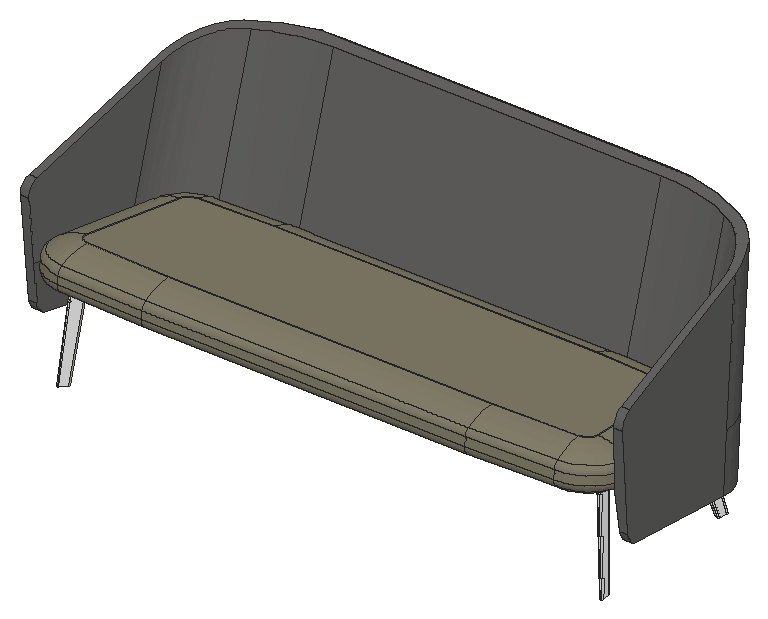
Revit family "Seating-Lounge-Teknion-STRCB_Cover-R2014", category Furniture, Revit 2014
Parameters (values of type "Sofa Two Seater")
  Width = 7' - 6 25/32"
  Warranty = "http://www.teknionstudio.com/pdfs/Teknion%20Studio%20Warranty.pdf"
  Unit Weight = 240.00 lbf
  URL = "http://www.teknionstudio.com"
  Series = "Studio"
  Seat Upholstery Finish [instance] = Fabric - Teknion - H517 - Heather Felt - Mustard Seed
  Product Page URL = "http://teknionstudio.com/cover/"
  Product Line = "Cover"
  Product Documentation Link = "http://www.teknionstudio.com/pricing/STRC_ppg.pdf"
  Part Number = "STRC"
  Model = "STRCB"
  Manufacturer Phone = "919-464-2920"
  Manufacturer Fax = "919-464-2927"
  Manufacturer Email = "customersupport@teknionstudio.com"
  Manufacturer Address = "3953 US 70 Business HWY West, Clayton, NC 27520"
  Manufacturer = "StudioTK"
  Low Emitting Material = yes
  Low Emitting Finish = yes
  Height = 2' - 5.6"
  Frame Finish [instance] = Metal - Teknion - C9 - Polished Aluminum
  Description = "Cover Sofa, Two Seat Sofa, 4 - Leg"
  Depth = 2' - 5.6"  # constant formula
  Back Upholstery Finish [instance] = Fabric - Teknion - H513 - Heather Felt - Pinon Tree
  Assembly Code = "E2020200"
Reference planes (in)
  plane 1 "Center F/B": y = 0
  plane 2: z = 0
  plane 3 "Center L/R": x = 0
  plane 4 "Top": z = 29.6
  plane 5: z = -0.03378
  plane 6: z = 0.19997
  plane 7 "Back": y = 16.11125
  plane 8 "Front": y = -13.48875
  plane 9: z = 12.39769
  plane 10: z = 10.50954
  plane 11 "Top Sloped Plane": through (0, 38.1924, 27.67127) normal (0, 0.0872, 0.9962)
  plane 12 "Bottom Sloped Plane": through (0, 36.74931, 1.19629) normal (0, 0.0872, 0.9962)
  plane 13: y = -15.87481
  plane 14: y = -8.83784
  plane 15: y = -21.44003
  plane 16: y = -10.16342
  plane 17: x = -35.3355
  plane 18: x = 35.3355
  plane 19: through (-51.44182, -20.77509, -22.07729) normal (0, -0.9903, 0.1392)
  plane 20: through (-51.44182, -13.80661, -23.05664) normal (0, -0.9903, 0.1392)
  plane 21: through (-56.88186, -26.28615, -21.30276) normal (0, -0.9903, 0.1392)
  plane 22: through (-55.6484, -15.11928, -22.87216) normal (0, -0.9903, 0.1392)
  plane 23: through (0, -5.45136, 12.06115) normal (0, -0.0698, -0.9976)
Forms (in)
  Sweep 1, solid, material "Fabric - Teknion - H517 - Heather Felt - Mustard Seed" <- "Seat Upholstery Finish"
    path origin (0, -1.72803, 15.73813) x (-1, 0, 0) y (0, -0.996195, 0.087156)
      loop
        arc (-18.90496, 7.67299) -> (-23.83351, 7.58206) -> (-28.75534, 7.3094) r 133.61289
        arc (-28.75534, 7.3094) -> (-29.62155, 6.86532) -> (-29.9066, 5.93459) r 1.25
        line (-29.9066, 5.93459) -> (-28.65822, -6.17276)
        arc (-28.65822, -6.17276) -> (-28.29254, -6.93454) -> (-27.52577, -7.28962) r 1.25
        arc (-27.52577, -7.28962) -> (-23.21962, -7.5771) -> (-18.90496, -7.67299) r 97.11843
        line (-18.90496, -7.67299) -> (18.91253, -7.67299)
        arc (18.91253, -7.67299) -> (23.22719, -7.5771) -> (27.53333, -7.28962) r 97.11843
        arc (27.53333, -7.28962) -> (28.30011, -6.93454) -> (28.66578, -6.17276) r 1.25
        line (28.66578, -6.17276) -> (29.91416, 5.93459)
        arc (29.91416, 5.93459) -> (29.62911, 6.86532) -> (28.76291, 7.3094) r 1.25
        arc (28.76291, 7.3094) -> (23.84107, 7.58206) -> (18.91253, 7.67299) r 133.61289
        line (18.91253, 7.67299) -> (-18.90496, 7.67299)
    profile origin (-0.00378, -9.37183, 16.40687) x (0, -0.996195, 0.087156) y (0, 0.087156, 0.996195)
      loop
        line (0, -0.51075) -> (0, -5.76374)
        arc (0, -5.76374) -> (1.74056, -5.29495) -> (3.33882, -4.46134) r 8.29794
        arc (3.33882, -4.46134) -> (3.66485, -4.10133) -> (3.7828, -3.63017) r 1
        line (3.7828, -3.63017) -> (3.7828, -2.6428)
        arc (3.7828, -2.6428) -> (3.66474, -2.17142) -> (3.33841, -1.81135) r 1
        arc (3.33841, -1.81135) -> (1.74024, -0.97872) -> (0, -0.51075) r 8.29794
  Sweep 2, solid, material "Fabric - Teknion - H517 - Heather Felt - Mustard Seed" <- "Seat Upholstery Finish"
    path origin (0, -2.18789, -1.07314) x (1, 0, 0) y (0, 0.087156, 0.996195)
      loop
        line (0, 16.27662) -> (0, 11.02362)
    profile origin (0, -0.99821, 12.52504) x (1, 0, 0) y (0, -0.996195, 0.087156)
      loop
        arc (18.91692, -6.65483) -> (23.23159, -6.55894) -> (27.53773, -6.27146) r 97.11843
        arc (27.53773, -6.27146) -> (28.30451, -5.91638) -> (28.67018, -5.1546) r 1.25
        line (28.67018, -5.1546) -> (29.91971, 6.96391)
        arc (29.91971, 6.96391) -> (29.63466, 7.89464) -> (28.76846, 8.33871) r 1.25
        arc (28.76846, 8.33871) -> (23.84662, 8.61138) -> (18.91807, 8.70231) r 133.61289
        line (18.91807, 8.70231) -> (-18.92366, 8.70231)
        arc (-18.92366, 8.70231) -> (-23.8522, 8.61138) -> (-28.77404, 8.33871) r 133.61289
        arc (-28.77404, 8.33871) -> (-29.64024, 7.89464) -> (-29.92529, 6.96391) r 1.25
        line (-29.92529, 6.96391) -> (-28.67576, -5.1546)
        arc (-28.67576, -5.1546) -> (-28.31009, -5.91638) -> (-27.54331, -6.27146) r 1.25
        arc (-27.54331, -6.27146) -> (-23.23717, -6.55894) -> (-18.92251, -6.65483) r 97.11843
        line (-18.92251, -6.65483) -> (18.91692, -6.65483)
  Blend 3, solid, material "Metal - Teknion - C9 - Polished Aluminum" <- "Frame Finish"
    base sketch origin (10.1875, 0.25, 29.6) x (-1, 0, 0) y (0, -1, 0)
      loop
        arc (40.20636, -8.93889) -> (40.13707, -9.01477) -> (40.1561, -9.11575) r 0.115
        line (40.1561, -9.11575) -> (40.72391, -9.86361)
        arc (40.72391, -9.86361) -> (40.78433, -9.90482) -> (40.85738, -9.90137) r 0.11526
        line (40.85738, -9.90137) -> (40.9759, -9.85541)
        arc (40.9759, -9.85541) -> (41.03247, -9.80811) -> (41.04868, -9.73617) r 0.115
        line (41.04868, -9.73617) -> (40.95106, -8.80738)
        arc (40.95106, -8.80738) -> (40.89672, -8.72131) -> (40.79536, -8.71208) r 0.115
        line (40.79536, -8.71208) -> (40.20636, -8.93889)
    top sketch origin (10.1875, 0.25, 29.6) x (-1, 0, 0) y (0, -1, 0)
      loop
        arc (39.68301, -5.78986) -> (39.61214, -5.6776) -> (39.47993, -5.66556) r 0.15
        line (39.47993, -5.66556) -> (38.69931, -5.96617)
        arc (38.69931, -5.96617) -> (38.60893, -6.06514) -> (38.63374, -6.19685) r 0.15
        line (38.63374, -6.19685) -> (39.49234, -7.3277)
        arc (39.49234, -7.3277) -> (39.57097, -7.38133) -> (39.66605, -7.37684) r 0.15
        line (39.66605, -7.37684) -> (39.73569, -7.34983)
        arc (39.73569, -7.34983) -> (39.80948, -7.28813) -> (39.83062, -7.1943) r 0.15
        line (39.83062, -7.1943) -> (39.68301, -5.78986)
    from -29.6 to -19.09046
  SweptBlend 4, solid, material "Fabric - Teknion - H513 - Heather Felt - Pinon Tree" <- "Back Upholstery Finish"
    path origin (0, 0, 0) x (0, 1, 0) y (0, 0, 1)
      loop
        line (16.13827, 29.60075) -> (14.8127, 10.64415)
    profile origin (0, 16.13827, 29.60075) x (0, 0.997564, -0.069756) y (1, 0, 0)
      loop
        line (-26.99251, -35.3355) -> (-8.1595, -33.48039)
        arc (-8.1595, -33.48039) -> (-4.45353, -32.06018) -> (-1.99119, -28.94761) r 7.5
        arc (-1.99119, -28.94761) -> (-0.50285, -24.15547) -> (0, -19.1628) r 25.0371
        line (0, -19.1628) -> (0, 19.1628)
        arc (0, 19.1628) -> (-0.50285, 24.15547) -> (-1.99119, 28.94761) r 25.0371
        arc (-1.99119, 28.94761) -> (-4.45353, 32.06018) -> (-8.1595, 33.48039) r 7.5
        line (-8.1595, 33.48039) -> (-26.99251, 35.3355) -> (-26.99251, 34.57463) -> (-8.39843, 32.74306)
        arc (-8.39843, 32.74306) -> (-4.60449, 31.15528) -> (-2.35711, 27.71081) r 7
        arc (-2.35711, 27.71081) -> (-1.45536, 23.47901) -> (-1.1528, 19.1628) r 30.93845
        line (-1.1528, 19.1628) -> (-1.1528, -19.1628)
        arc (-1.1528, -19.1628) -> (-1.45536, -23.47901) -> (-2.35711, -27.71081) r 30.93845
        arc (-2.35711, -27.71081) -> (-4.60449, -31.15528) -> (-8.39843, -32.74306) r 7
        line (-8.39843, -32.74306) -> (-26.99251, -34.57463) -> (-26.99251, -35.3355)
    end profile origin (0, 14.8127, 10.64415) x (0, 0.997564, -0.069756) y (1, 0, 0)
      loop
        line (-26.99251, -35.3355) -> (-8.1595, -33.48039)
        arc (-8.1595, -33.48039) -> (-4.45353, -32.06018) -> (-1.99119, -28.94761) r 7.5
        arc (-1.99119, -28.94761) -> (-0.50285, -24.15547) -> (0, -19.1628) r 25.0371
        line (0, -19.1628) -> (0, 19.1628)
        arc (0, 19.1628) -> (-0.50285, 24.15547) -> (-1.99119, 28.94761) r 25.0371
        arc (-1.99119, 28.94761) -> (-4.45353, 32.06018) -> (-8.1595, 33.48039) r 7.5
        line (-8.1595, 33.48039) -> (-26.99251, 35.3355) -> (-26.99251, 34.15599) -> (-12.64843, 32.74306)
        arc (-12.64843, 32.74306) -> (-8.85449, 31.15528) -> (-6.60711, 27.71081) r 7
        arc (-6.60711, 27.71081) -> (-5.70536, 23.47901) -> (-5.4028, 19.1628) r 30.93845
        line (-5.4028, 19.1628) -> (-5.4028, -19.1628)
        arc (-5.4028, -19.1628) -> (-5.70536, -23.47901) -> (-6.60711, -27.71081) r 30.93845
        arc (-6.60711, -27.71081) -> (-8.85449, -31.15528) -> (-12.64843, -32.74306) r 7
        line (-12.64843, -32.74306) -> (-26.99251, -34.15599) -> (-26.99251, -35.3355)
  Sweep 5, void
    path origin (0, 0, 0) x (1, 0, 0) y (0, 1, 0)
      loop
        line (-48.33893, 0) -> (48.33893, 0)
    profile origin (0, 0, 0) x (0, 1, 0) y (0, 0, 1)
      loop
        line (16.11125, 29.64263) -> (16.11125, 31.96622) -> (-13.75, 31.96622) -> (-13.75, -0.03378) -> (16.11125, -0.03378) -> (16.11125, 3.0551) -> (-8.26774, 6.48135)
        arc (-8.26774, 6.48135) -> (-9.25297, 6.96829) -> (-9.75359, 7.94664) r 1.75
        arc (-9.75359, 7.94664) -> (-10.44354, 13.61127) -> (-10.76569, 19.30866) r 88.19034
        arc (-10.76569, 19.30866) -> (-10.44937, 20.35513) -> (-9.57374, 21.00968) r 1.75
        line (-9.57374, 21.00968) -> (16.11125, 29.64263)
  Blend 6, solid, material "Metal - Teknion - C9 - Polished Aluminum" <- "Frame Finish"
    base sketch origin (10, 0.125, 29.6) x (-1, 0, 0) y (0, -1, 0)
      loop
        line (41.11261, 8.81389) -> (41.70161, 8.58708)
        arc (41.70161, 8.58708) -> (41.80297, 8.59631) -> (41.85731, 8.68238) r 0.115
        line (41.85731, 8.68238) -> (41.95493, 9.61117)
        arc (41.95493, 9.61117) -> (41.93872, 9.68311) -> (41.88215, 9.73041) r 0.115
        line (41.88215, 9.73041) -> (41.76363, 9.77637)
        arc (41.76363, 9.77637) -> (41.69058, 9.77982) -> (41.63016, 9.73861) r 0.11526
        line (41.63016, 9.73861) -> (41.06235, 8.99075)
        arc (41.06235, 8.99075) -> (41.04332, 8.88977) -> (41.11261, 8.81389) r 0.115
    top sketch origin (10, 0.125, 29.6) x (-1, 0, 0) y (0, -1, 0)
      loop
        line (40.71426, 7.28986) -> (40.86187, 8.6943)
        arc (40.86187, 8.6943) -> (40.84073, 8.78813) -> (40.76694, 8.84983) r 0.15
        line (40.76694, 8.84983) -> (40.6973, 8.87684)
        arc (40.6973, 8.87684) -> (40.60222, 8.88133) -> (40.52359, 8.8277) r 0.15
        line (40.52359, 8.8277) -> (39.66499, 7.69685)
        arc (39.66499, 7.69685) -> (39.64018, 7.56514) -> (39.73056, 7.46617) r 0.15
        line (39.73056, 7.46617) -> (40.51118, 7.16556)
        arc (40.51118, 7.16556) -> (40.64339, 7.1776) -> (40.71426, 7.28986) r 0.15
    from -29.6 to -17.20231
  SweptBlend 7, solid, material "Fabric - Teknion - H513 - Heather Felt - Pinon Tree" <- "Back Upholstery Finish"
    path origin (0, 1.62554, 23.24623) x (0, 0.990268, -0.139173) y (0, -0.139173, -0.990268)
      loop
        line (15.33595, 18.12702) -> (14.8127, 10.64415)
    profile origin (0, 14.28945, 3.16128) x (0, -0.997564, 0.069756) y (1, 0, 0)
      loop
        line (26.99251, -35.3355) -> (26.99251, -34.57463) -> (8.39843, -32.74306)
        arc (8.39843, -32.74306) -> (4.60449, -31.15528) -> (2.35711, -27.71081) r 7
        arc (2.35711, -27.71081) -> (1.45536, -23.47901) -> (1.1528, -19.1628) r 30.93845
        line (1.1528, -19.1628) -> (1.1528, 19.1628)
        arc (1.1528, 19.1628) -> (1.45536, 23.47901) -> (2.35711, 27.71081) r 30.93845
        arc (2.35711, 27.71081) -> (4.60449, 31.15528) -> (8.39843, 32.74306) r 7
        line (8.39843, 32.74306) -> (26.99251, 34.57463) -> (26.99251, 35.3355) -> (8.1595, 33.48039)
        arc (8.1595, 33.48039) -> (4.45353, 32.06018) -> (1.99119, 28.94761) r 7.5
        arc (1.99119, 28.94761) -> (0.50285, 24.15547) -> (0, 19.1628) r 25.0371
        line (0, 19.1628) -> (0, -19.1628)
        arc (0, -19.1628) -> (0.50285, -24.15547) -> (1.99119, -28.94761) r 25.0371
        arc (1.99119, -28.94761) -> (4.45353, -32.06018) -> (8.1595, -33.48039) r 7.5
        line (8.1595, -33.48039) -> (26.99251, -35.3355)
    end profile origin (0, 14.8127, 10.64415) x (0, -0.997564, 0.069756) y (1, 0, 0)
      loop
        line (26.99251, -35.3355) -> (26.99251, -34.15599) -> (12.64843, -32.74306)
        arc (12.64843, -32.74306) -> (8.85449, -31.15528) -> (6.60711, -27.71081) r 7
        arc (6.60711, -27.71081) -> (5.70536, -23.47901) -> (5.4028, -19.1628) r 30.93845
        line (5.4028, -19.1628) -> (5.4028, 19.1628)
        arc (5.4028, 19.1628) -> (5.70536, 23.47901) -> (6.60711, 27.71081) r 30.93845
        arc (6.60711, 27.71081) -> (8.85449, 31.15528) -> (12.64843, 32.74306) r 7
        line (12.64843, 32.74306) -> (26.99251, 34.15599) -> (26.99251, 35.3355) -> (8.1595, 33.48039)
        arc (8.1595, 33.48039) -> (4.45353, 32.06018) -> (1.99119, 28.94761) r 7.5
        arc (1.99119, 28.94761) -> (0.50285, 24.15547) -> (0, 19.1628) r 25.0371
        line (0, 19.1628) -> (0, -19.1628)
        arc (0, -19.1628) -> (0.50285, -24.15547) -> (1.99119, -28.94761) r 25.0371
        arc (1.99119, -28.94761) -> (4.45353, -32.06018) -> (8.1595, -33.48039) r 7.5
        line (8.1595, -33.48039) -> (26.99251, -35.3355)
  Blend 8, solid, material "Metal - Teknion - C9 - Polished Aluminum" <- "Frame Finish"
    base sketch origin (-10.1875, 0.25, 29.6) x (1, 0, 0) y (0, 1, 0)
      loop
        line (40.20636, 8.93889) -> (40.79536, 8.71208)
        arc (40.79536, 8.71208) -> (40.89672, 8.72131) -> (40.95106, 8.80738) r 0.115
        line (40.95106, 8.80738) -> (41.04868, 9.73617)
        arc (41.04868, 9.73617) -> (41.03247, 9.80811) -> (40.9759, 9.85541) r 0.115
        line (40.9759, 9.85541) -> (40.85738, 9.90137)
        arc (40.85738, 9.90137) -> (40.78433, 9.90482) -> (40.72391, 9.86361) r 0.11526
        line (40.72391, 9.86361) -> (40.1561, 9.11575)
        arc (40.1561, 9.11575) -> (40.13707, 9.01477) -> (40.20636, 8.93889) r 0.115
    top sketch origin (-10.1875, 0.25, 29.6) x (1, 0, 0) y (0, 1, 0)
      loop
        line (39.68301, 5.78986) -> (39.83062, 7.1943)
        arc (39.83062, 7.1943) -> (39.80948, 7.28813) -> (39.73569, 7.34983) r 0.15
        line (39.73569, 7.34983) -> (39.66605, 7.37684)
        arc (39.66605, 7.37684) -> (39.57097, 7.38133) -> (39.49234, 7.3277) r 0.15
        line (39.49234, 7.3277) -> (38.63374, 6.19685)
        arc (38.63374, 6.19685) -> (38.60893, 6.06514) -> (38.69931, 5.96617) r 0.15
        line (38.69931, 5.96617) -> (39.47993, 5.66556)
        arc (39.47993, 5.66556) -> (39.61214, 5.6776) -> (39.68301, 5.78986) r 0.15
    from -29.6 to -19.09046
  Blend 9, solid, material "Metal - Teknion - C9 - Polished Aluminum" <- "Frame Finish"
    base sketch origin (-10, 0.125, 29.6) x (1, 0, 0) y (0, 1, 0)
      loop
        arc (41.11261, -8.81389) -> (41.04332, -8.88977) -> (41.06235, -8.99075) r 0.115
        line (41.06235, -8.99075) -> (41.63016, -9.73861)
        arc (41.63016, -9.73861) -> (41.69058, -9.77982) -> (41.76363, -9.77637) r 0.11526
        line (41.76363, -9.77637) -> (41.88215, -9.73041)
        arc (41.88215, -9.73041) -> (41.93872, -9.68311) -> (41.95493, -9.61117) r 0.115
        line (41.95493, -9.61117) -> (41.85731, -8.68238)
        arc (41.85731, -8.68238) -> (41.80297, -8.59631) -> (41.70161, -8.58708) r 0.115
        line (41.70161, -8.58708) -> (41.11261, -8.81389)
    top sketch origin (-10, 0.125, 29.6) x (1, 0, 0) y (0, 1, 0)
      loop
        arc (40.71426, -7.28986) -> (40.64339, -7.1776) -> (40.51118, -7.16556) r 0.15
        line (40.51118, -7.16556) -> (39.73056, -7.46617)
        arc (39.73056, -7.46617) -> (39.64018, -7.56514) -> (39.66499, -7.69685) r 0.15
        line (39.66499, -7.69685) -> (40.52359, -8.8277)
        arc (40.52359, -8.8277) -> (40.60222, -8.88133) -> (40.6973, -8.87684) r 0.15
        line (40.6973, -8.87684) -> (40.76694, -8.84983)
        arc (40.76694, -8.84983) -> (40.84073, -8.78813) -> (40.86187, -8.6943) r 0.15
        line (40.86187, -8.6943) -> (40.71426, -7.28986)
    from -29.6 to -17.20231
Cuts and joins
  Sweep 5 cuts SweptBlend 4
  Sweep 5 cuts SweptBlend 7
  joined: SweptBlend 4, SweptBlend 7
Lines and regions (in)
  Masking region 1
    outline origin (0, 0, 29.6) x (-1, 0, 0) y (0, -1, 0)
      loop
        line (33.48039, -7.76563) -> (35.25854, 10.76569) -> (34.2212, 10.76569)
        spline (34.2212, 10.76569) -> (34.20304, 10.74989) -> (34.18451, 10.73031) -> (34.16563, 10.70696) -> (34.14638, 10.67985) -> (34.12678, 10.64897) -> (34.10681, 10.61432) -> (34.08649, 10.57591) -> (34.06582, 10.53373) -> (34.04479, 10.48779) -> (34.0234, 10.43809) -> (34.00167, 10.38464) -> (33.97957, 10.32743)
        line (33.97957, 10.32743) -> (33.68478, 7.34195)
        spline (33.68478, 7.34195) -> (33.49992, 9.48625) -> (33.1648, 10.33199) -> (32.79835, 10.92399) -> (32.29183, 11.51488) -> (31.65285, 12.0987) -> (30.95363, 12.55706) -> (30.17992, 12.86401) -> (29.25211, 13.0637) -> (28.08866, 13.20138) -> (26.59998, 13.30768) -> (24.68836, 13.39842) -> (22.25573, 13.48875)
        line (22.25573, 13.48875) -> (-22.25573, 13.48875)
        spline (-22.25573, 13.48875) -> (-24.68836, 13.39842) -> (-26.59998, 13.30768) -> (-28.08866, 13.20138) -> (-29.25211, 13.0637) -> (-30.17992, 12.86401) -> (-30.95363, 12.55706) -> (-31.65285, 12.0987) -> (-32.29183, 11.51488) -> (-32.79835, 10.92399) -> (-33.1648, 10.33199) -> (-33.49992, 9.48625) -> (-33.68478, 7.34195)
        line (-33.68478, 7.34195) -> (-33.97957, 10.32743)
        spline (-33.97957, 10.32743) -> (-34.00167, 10.38464) -> (-34.0234, 10.43809) -> (-34.04479, 10.48779) -> (-34.06582, 10.53373) -> (-34.08649, 10.57591) -> (-34.10681, 10.61432) -> (-34.12678, 10.64897) -> (-34.14638, 10.67985) -> (-34.16563, 10.70696) -> (-34.18451, 10.73031) -> (-34.20304, 10.74989) -> (-34.2212, 10.76569)
        line (-34.2212, 10.76569) -> (-35.25854, 10.76569) -> (-33.48039, -7.76563)
        spline (-33.48039, -7.76563) -> (-33.38381, -8.45033) -> (-33.23075, -9.11587) -> (-33.02009, -9.76485) -> (-32.75205, -10.39671) -> (-32.43222, -10.99846) -> (-32.05986, -11.56983) -> (-31.63996, -12.10521) -> (-31.17597, -12.59846) -> (-30.66867, -13.04971) -> (-30.12844, -13.4498) -> (-29.55533, -13.79865) -> (-28.94761, -14.09783)
        spline (-28.94761, -14.09783) -> (-28.34807, -14.37587) -> (-27.68623, -14.64166) -> (-26.97317, -14.89286) -> (-26.21999, -15.12714) -> (-25.43778, -15.34215) -> (-24.63764, -15.53555) -> (-23.83066, -15.70501) -> (-23.02794, -15.84818) -> (-22.24056, -15.96273) -> (-21.47961, -16.04632) -> (-20.75621, -16.09661) -> (-20.08142, -16.11125)
        line (-20.08142, -16.11125) -> (20.08142, -16.11125)
        spline (20.08142, -16.11125) -> (20.75246, -16.09682) -> (21.46601, -16.04709) -> (22.21301, -15.96429) -> (22.9844, -15.85065) -> (23.77115, -15.70838) -> (24.56418, -15.53971) -> (25.35446, -15.34686) -> (26.13292, -15.13206) -> (26.89052, -14.89754) -> (27.61821, -14.64551) -> (28.30692, -14.37819) -> (28.94761, -14.09783)
        spline (28.94761, -14.09783) -> (29.55529, -13.79869) -> (30.12829, -13.44994) -> (30.66869, -13.0497) -> (31.17603, -12.59837) -> (31.63991, -12.10529) -> (32.05987, -11.56982) -> (32.43216, -10.99852) -> (32.75211, -10.39662) -> (33.02009, -9.76483) -> (33.23067, -9.11606) -> (33.38379, -8.45038) -> (33.48039, -7.76563)
  symbolic lines, style "FurnitureHiddenLines", detail levels fine
    curve 1: arc (-28.50211, 6.22029, 29.6) -> (-28.42659, 6.30006, 29.6) -> (-28.42567, 6.4099, 29.6) r 0.15
    curve 2: line (-29.29243, 5.91556, 29.6) -> (-28.50211, 6.22029, 29.6)
    curve 3: arc (-29.47591, 5.97999, 29.6) -> (-29.39603, 5.91401, 29.6) -> (-29.29243, 5.91556, 29.6) r 0.15
    curve 4: line (-30.75548, 9.02734, 29.6) -> (-29.47591, 5.97999, 29.6)
    curve 5: arc (-29.99847, 9.40555, 29.6) -> (-29.99293, 9.39758, 29.6) -> (-29.98808, 9.38917, 29.6) r 0.11514
    curve 6: arc (-30.75548, 9.02734, 29.6) -> (-30.76084, 9.04329, 29.6) -> (-30.76382, 9.05984, 29.6) r 0.115
    curve 7: line (-30.76382, 9.05984, 29.6) -> (-30.86118, 9.98617, 29.6)
    curve 8: arc (-30.86118, 9.98617, 29.6) -> (-30.84497, 10.05811, 29.6) -> (-30.7884, 10.10541, 29.6) r 0.115
    curve 9: line (-30.7884, 10.10541, 29.6) -> (-30.66988, 10.15137, 29.6)
    curve 10: arc (-30.66988, 10.15137, 29.6) -> (-30.59682, 10.15482, 29.6) -> (-30.5364, 10.1136, 29.6) r 0.11526
    curve 11: line (-30.5364, 10.1136, 29.6) -> (-29.99847, 9.40555, 29.6)
    curve 12: arc (-30.51118, -7.04056, 29.6) -> (-30.59525, -7.03361, 29.6) -> (-30.66978, -7.07312, 29.6) r 0.15
    curve 13: line (-29.73056, -7.34117, 29.6) -> (-30.51118, -7.04056, 29.6)
    curve 14: arc (-29.66499, -7.57185, 29.6) -> (-29.64018, -7.44014, 29.6) -> (-29.73056, -7.34117, 29.6) r 0.15
    curve 15: line (-30.52359, -8.7027, 29.6) -> (-29.66499, -7.57185, 29.6)
    curve 16: arc (-30.5478, -8.72786, 29.6) -> (-30.53496, -8.71599, 29.6) -> (-30.52359, -8.7027, 29.6) r 0.15
    curve 17: line (-30.66978, -7.07312, 29.6) -> (-31.82594, -8.43883, 29.6)
    curve 18: line (-31.64876, -9.63295, 29.6) -> (-30.5478, -8.72786, 29.6)
    curve 19: arc (-31.64876, -9.63295, 29.6) -> (-31.7037, -9.65772, 29.6) -> (-31.76363, -9.65137, 29.6) r 0.11526
    curve 20: line (-31.76363, -9.65137, 29.6) -> (-31.88215, -9.60541, 29.6)
    curve 21: arc (-31.88215, -9.60541, 29.6) -> (-31.93872, -9.55811, 29.6) -> (-31.95493, -9.48617, 29.6) r 0.115
    curve 22: line (-31.95493, -9.48617, 29.6) -> (-31.85123, -8.49954, 29.6)
    curve 23: arc (-31.85123, -8.49954, 29.6) -> (-31.84302, -8.46734, 29.6) -> (-31.82594, -8.43883, 29.6) r 0.115
    curve 24: line (-28.42567, 6.4099, 29.6) -> (-29.98808, 9.38917, 29.6)
    curve 25: line (-28.47113, 6.49658, 29.6) -> (-29.30484, 7.5777, 29.6)
    curve 26: line (-29.64312, 7.4443, 29.6) -> (-29.50218, 6.1033, 29.6)
    curve 27: arc (-29.54819, 7.59983, 29.6) -> (-29.62198, 7.53813, 29.6) -> (-29.64312, 7.4443, 29.6) r 0.15
    curve 28: arc (-29.30484, 7.5777, 29.6) -> (-29.38347, 7.63133, 29.6) -> (-29.47855, 7.62684, 29.6) r 0.15
    curve 29: line (-29.47855, 7.62684, 29.6) -> (-29.54819, 7.59983, 29.6)
    curve 30: line (-30.70724, -7.14545, 29.6) -> (-30.86085, -8.60846, 29.6)
    curve 31: arc (-30.86085, -8.60846, 29.6) -> (-30.82943, -8.67918, 29.6) -> (-30.76694, -8.72483, 29.6) r 0.15
    curve 32: line (-30.76694, -8.72483, 29.6) -> (-30.6973, -8.75184, 29.6)
    curve 33: arc (-30.6973, -8.75184, 29.6) -> (-30.62807, -8.76124, 29.6) -> (-30.56209, -8.73827, 29.6) r 0.15
    curve 34: arc (-30.66978, -7.07312, 29.6) -> (-30.69418, -7.10635, 29.6) -> (-30.70724, -7.14545, 29.6) r 0.13311
    curve 35: arc (28.51169, 6.21611, 29.6) -> (28.42948, 6.29278, 29.6) -> (28.42352, 6.40504, 29.6) r 0.15018
    curve 36: line (29.29243, 5.91556, 29.6) -> (28.51169, 6.21611, 29.6)
    curve 37: arc (29.46199, 5.96002, 29.6) -> (29.38438, 5.91045, 29.6) -> (29.29243, 5.91556, 29.6) r 0.15
    curve 38: line (30.75733, 9.04496, 29.6) -> (29.46199, 5.96002, 29.6)
    curve 39: arc (29.97585, 9.3753, 29.6) -> (29.97032, 9.36734, 29.6) -> (29.96548, 9.35895, 29.6) r 0.11498
    curve 40: arc (30.75733, 9.04496, 29.6) -> (30.76269, 9.0609, 29.6) -> (30.76567, 9.07746, 29.6) r 0.115
    curve 41: line (30.76567, 9.07746, 29.6) -> (30.86118, 9.98617, 29.6)
    curve 42: arc (30.86118, 9.98617, 29.6) -> (30.84497, 10.05811, 29.6) -> (30.7884, 10.10541, 29.6) r 0.115
    curve 43: line (30.7884, 10.10541, 29.6) -> (30.66988, 10.15137, 29.6)
    curve 44: arc (30.66988, 10.15137, 29.6) -> (30.59683, 10.15482, 29.6) -> (30.53641, 10.11361, 29.6) r 0.11526
    curve 45: line (30.53641, 10.11361, 29.6) -> (29.97585, 9.3753, 29.6)
    curve 46: arc (30.51118, -7.04056, 29.6) -> (30.59701, -7.03398, 29.6) -> (30.67232, -7.07566, 29.6) r 0.15
    curve 47: line (29.72765, -7.34229, 29.6) -> (30.51118, -7.04056, 29.6)
    curve 48: arc (29.66208, -7.57297, 29.6) -> (29.63726, -7.44126, 29.6) -> (29.72765, -7.34229, 29.6) r 0.15
    curve 49: line (30.50796, -8.68707, 29.6) -> (29.66208, -7.57297, 29.6)
    curve 50: arc (30.53217, -8.71224, 29.6) -> (30.51933, -8.70036, 29.6) -> (30.50796, -8.68707, 29.6) r 0.15
    curve 51: line (30.67232, -7.07566, 29.6) -> (31.7899, -8.44816, 29.6)
    curve 52: line (31.65106, -9.63206, 29.6) -> (30.53217, -8.71224, 29.6)
    curve 53: arc (31.65106, -9.63206, 29.6) -> (31.706, -9.65683, 29.6) -> (31.76593, -9.65048, 29.6) r 0.11526
    curve 54: line (31.76593, -9.65048, 29.6) -> (31.88215, -9.60541, 29.6)
    curve 55: arc (31.88215, -9.60541, 29.6) -> (31.93872, -9.55811, 29.6) -> (31.95493, -9.48617, 29.6) r 0.115
    curve 56: line (31.95493, -9.48617, 29.6) -> (31.85551, -8.5403, 29.6)
    curve 57: arc (31.85551, -8.5403, 29.6) -> (31.83482, -8.48561, 29.6) -> (31.7899, -8.44816, 29.6) r 0.115
    curve 58: line (28.42352, 6.40504, 29.6) -> (29.96548, 9.35895, 29.6)
    curve 59: line (28.44163, 6.43973, 29.6) -> (29.30484, 7.5777, 29.6)
    curve 60: line (29.64312, 7.4443, 29.6) -> (29.50133, 6.09518, 29.6)
    curve 61: arc (29.54819, 7.59983, 29.6) -> (29.62198, 7.53813, 29.6) -> (29.64312, 7.4443, 29.6) r 0.15
    curve 62: arc (29.30484, 7.5777, 29.6) -> (29.38347, 7.63133, 29.6) -> (29.47855, 7.62684, 29.6) r 0.15
    curve 63: line (29.47855, 7.62684, 29.6) -> (29.54819, 7.59983, 29.6)
    curve 64: line (30.70844, -7.15292, 29.6) -> (30.86187, -8.5693, 29.6)
    curve 65: arc (30.86187, -8.5693, 29.6) -> (30.84073, -8.66313, 29.6) -> (30.76694, -8.72483, 29.6) r 0.15
    curve 66: line (30.76694, -8.72483, 29.6) -> (30.68898, -8.75507, 29.6)
    curve 67: arc (30.68898, -8.75507, 29.6) -> (30.61976, -8.76447, 29.6) -> (30.55378, -8.74149, 29.6) r 0.15
    curve 68: arc (30.67232, -7.07566, 29.6) -> (30.69625, -7.11155, 29.6) -> (30.70844, -7.15292, 29.6) r 0.14365
  symbolic lines, style "Furniture"
    curve 69: line (-33.97957, -10.32743, 29.6) -> (-32.74306, 2.19508, 29.6)
    curve 70: spline (-32.74306, 2.19508, 29.6) -> (-32.64059, 2.88126, 29.6) -> (-32.47037, 3.5539, 29.6) -> (-32.23409, 4.20638, 29.6) -> (-31.93407, 4.83225, 29.6) -> (-31.57328, 5.42534, 29.6) -> (-31.15528, 5.97978, 29.6) -> (-30.68418, 6.49012, 29.6) -> (-30.16466, 6.9513, 29.6) -> (-29.60182, 7.35878, 29.6) -> (-29.00123, 7.70854, 29.6) -> (-28.36881, 7.99712, 29.6) -> (-27.71081, 8.22168, 29.6)
    curve 71: spline (-27.71081, 8.22168, 29.6) -> (-27.01492, 8.41251, 29.6) -> (-26.31475, 8.5871, 29.6) -> (-25.61069, 8.74535, 29.6) -> (-24.90313, 8.88717, 29.6) -> (-24.19244, 9.01249, 29.6) -> (-23.47901, 9.12124, 29.6) -> (-22.76324, 9.21336, 29.6) -> (-22.0455, 9.28879, 29.6) -> (-21.3262, 9.34751, 29.6) -> (-20.60572, 9.38947, 29.6) -> (-19.88445, 9.41466, 29.6) -> (-19.1628, 9.42306, 29.6)
    curve 72: line (-19.1628, 9.42306, 29.6) -> (19.1628, 9.42306, 29.6)
    curve 73: spline (19.1628, 9.42306, 29.6) -> (19.88445, 9.41466, 29.6) -> (20.60572, 9.38947, 29.6) -> (21.3262, 9.34751, 29.6) -> (22.0455, 9.28879, 29.6) -> (22.76324, 9.21336, 29.6) -> (23.47901, 9.12124, 29.6) -> (24.19244, 9.01249, 29.6) -> (24.90313, 8.88717, 29.6) -> (25.61069, 8.74535, 29.6) -> (26.31475, 8.5871, 29.6) -> (27.01492, 8.41251, 29.6) -> (27.71081, 8.22168, 29.6)
    curve 74: spline (27.71081, 8.22168, 29.6) -> (28.36881, 7.99712, 29.6) -> (29.00123, 7.70854, 29.6) -> (29.60182, 7.35878, 29.6) -> (30.16466, 6.9513, 29.6) -> (30.68418, 6.49012, 29.6) -> (31.15528, 5.97978, 29.6) -> (31.57328, 5.42534, 29.6) -> (31.93407, 4.83225, 29.6) -> (32.23409, 4.20638, 29.6) -> (32.47037, 3.5539, 29.6) -> (32.64059, 2.88126, 29.6) -> (32.74306, 2.19508, 29.6)
    curve 75: line (32.74306, 2.19508, 29.6) -> (33.97957, -10.32743, 29.6)
  symbolic lines, style "Furniture", detail levels medium+fine
    curve 76: line (-32.74306, 6.64962, 29.6) -> (-34.25872, -10.76569, 29.6)
    curve 77: line (-27.71139, 13.48654, 29.6) -> (-32.74306, 6.64962, 29.6)
    curve 78: spline (-19.30163, 14.8504, 29.6) -> (-20.01562, 14.83683, 29.6) -> (-20.72896, 14.80489, 29.6) -> (-21.44112, 14.75459, 29.6) -> (-22.15157, 14.68598, 29.6) -> (-22.8598, 14.5991, 29.6) -> (-23.56527, 14.49402, 29.6) -> (-24.26747, 14.37081, 29.6) -> (-24.96589, 14.22957, 29.6) -> (-25.66, 14.0704, 29.6) -> (-26.34929, 13.89341, 29.6) -> (-27.03325, 13.69875, 29.6) -> (-27.71139, 13.48654, 29.6)
    curve 79: line (19.30164, 14.8504, 29.6) -> (-19.30163, 14.8504, 29.6)
    curve 80: spline (27.71139, 13.48654, 29.6) -> (27.03325, 13.69875, 29.6) -> (26.34929, 13.89341, 29.6) -> (25.66, 14.0704, 29.6) -> (24.96589, 14.22957, 29.6) -> (24.26748, 14.37081, 29.6) -> (23.56527, 14.49402, 29.6) -> (22.8598, 14.5991, 29.6) -> (22.15157, 14.68598, 29.6) -> (21.44112, 14.75459, 29.6) -> (20.72896, 14.80489, 29.6) -> (20.01563, 14.83683, 29.6) -> (19.30164, 14.8504, 29.6)
    curve 81: line (32.74306, 6.64962, 29.6) -> (27.71139, 13.48654, 29.6)
    curve 82: line (34.25872, -10.76569, 29.6) -> (32.74306, 6.64962, 29.6)
Dimensions and locks (in)
  locked: plane 2 to plane 5 at 0.03378
  locked: plane 6 to plane 2 at 0.19997
  "Depth": plane 8 "Front" to plane 7 "Back"
  Sweep 2 to Sweep 2 = 0' - 5.25299"
  Sweep 2 sketch curve to Sweep 2 sketch curve = 0' - 5.25299"
  plane 7 "Back" to plane 1 "Center F/B" to plane 8 "Front" = 1' - 4.11125" locked, 1' - 1.48875" locked
  plane 11 "Top Sloped Plane" to plane 12 "Bottom Sloped Plane" = 2' - 2 1/2"
  locked: plane 5 to Sweep 5 sketch curve at 32
  locked: SweptBlend 4 sketch curve to plane 1 "Center F/B" at 16.13827
  locked: SweptBlend 4 sketch curve to plane 1 "Center F/B" at 14.8127
  locked: plane 9 to plane 2 at 12.39769
  locked: plane 10 to plane 2 at 10.50954
  "Height": plane 4 "Top" to plane 2
  Sweep 1 sketch curve to Sweep 1 sketch curve to profile plane to Sweep 1 sketch curve to Sweep 1 sketch curve = 0' - 0.00298" locked, 0' - 1.272" locked, 0' - 2.7828" locked, 0' - 0" locked
  Sweep 1 sketch curve to profile plane to Sweep 1 sketch curve to Sweep 1 sketch curve to Sweep 1 sketch curve = 0' - 2.43566" locked, 0' - 2.6428" locked, 0' - 0.98738" locked, 0' - 5.08044" locked
  locked: profile plane to Sweep 1 sketch curve at 3.7828
  locked: Sweep 1 sketch curve to plane 5 at 10.69884
  Blend 3 sketch curve to Blend 3 sketch curve to Blend 3 sketch curve to Blend 3 sketch curve = 0' - 0.09762" locked, 0' - 0.02099" locked, 0' - 0.56802" locked
  plane 7 "Back" to Blend 3 sketch curve to Blend 3 sketch curve to Blend 3 sketch curve to Blend 3 sketch curve = 0' - 6.06734", 0' - 0.04573" locked, 0' - 0.70198" locked, 0' - 0.22682" locked
  plane 7 "Back" to Blend 3 sketch curve to Blend 3 sketch curve to Blend 3 sketch curve to Blend 3 sketch curve = 0' - 8.62426" locked, 0' - 0.02701" locked, 0' - 1.10384" locked, 0' - 0.30061" locked
  plane 17 to Blend 3 sketch curve to Blend 3 sketch curve to Blend 3 sketch curve to Blend 3 sketch curve = 0' - 5.84155" locked, 0' - 0.06964" locked, 0' - 0.07797" locked, 0' - 0.78062" locked
  Blend 6 sketch curve to Blend 6 sketch curve to Blend 6 sketch curve to Blend 6 sketch curve = 0' - 0.09762" locked, 0' - 0.02099" locked, 0' - 0.56802" locked
  plane 8 "Front" to Blend 6 sketch curve to Blend 6 sketch curve to Blend 6 sketch curve to Blend 6 sketch curve = 0' - 3.94484" locked, 0' - 0.04573" locked, 0' - 0.70198" locked, 0' - 0.22682" locked
  plane 8 "Front" to Blend 6 sketch curve to Blend 6 sketch curve to Blend 6 sketch curve to Blend 6 sketch curve = 0' - 4.87676" locked, 0' - 0.02701" locked, 0' - 1.10384" locked, 0' - 0.30061" locked
  plane 17 to Blend 6 sketch curve to Blend 6 sketch curve to Blend 6 sketch curve to Blend 6 sketch curve = 0' - 4.6228" locked, 0' - 0.06964" locked, 0' - 0.07797" locked, 0' - 0.78062" locked
  equal spacing: Sweep 5 sketch curve, plane 3 "Center L/R", Sweep 5 sketch curve
  locked: Sweep 5 sketch curve to Sweep 5 sketch curve at 96.67786
  equal spacing: plane 17, plane 3 "Center L/R", plane 18
  locked: plane 17 to plane 18 at 70.671
  Blend 8 sketch curve to Blend 8 sketch curve to Blend 8 sketch curve to Blend 8 sketch curve = 0' - 0.09762" locked, 0' - 0.02099" locked, 0' - 0.56802" locked
  Blend 8 sketch curve to Blend 8 sketch curve to Blend 8 sketch curve to Blend 8 sketch curve = 0' - 0.04573" locked, 0' - 0.70198" locked, 0' - 0.22682" locked
  Blend 8 sketch curve to Blend 8 sketch curve to Blend 8 sketch curve to Blend 8 sketch curve = 0' - 0.02701" locked, 0' - 1.10384" locked, 0' - 0.30061" locked
  Blend 8 sketch curve to Blend 8 sketch curve to Blend 8 sketch curve to Blend 8 sketch curve = 0' - 0.06964" locked, 0' - 0.07797" locked, 0' - 0.78062" locked
  Blend 9 sketch curve to Blend 9 sketch curve to Blend 9 sketch curve to Blend 9 sketch curve = 0' - 0.09762" locked, 0' - 0.02099" locked, 0' - 0.56802" locked
  Blend 9 sketch curve to Blend 9 sketch curve to Blend 9 sketch curve to Blend 9 sketch curve = 0' - 0.04573" locked, 0' - 0.70198" locked, 0' - 0.22682" locked
  Blend 9 sketch curve to Blend 9 sketch curve to Blend 9 sketch curve to Blend 9 sketch curve = 0' - 0.02701" locked, 0' - 1.10384" locked, 0' - 0.30061" locked
  Blend 9 sketch curve to Blend 9 sketch curve to Blend 9 sketch curve to Blend 9 sketch curve = 0' - 0.06964" locked, 0' - 0.07797" locked, 0' - 0.78062" locked
  Sweep 2 sketch curve to plane 9 to Sweep 2 sketch curve = 0' - 2.74385" locked, 0' - 2.48915" locked
  locked: plane 17 to Sweep 1 sketch curve at 6.66475
  locked: plane 17 to Sweep 1 sketch curve at 7.91313
  locked: Sweep 1 sketch curve to plane 18 at 6.67231
  locked: Sweep 1 sketch curve to plane 18 at 7.92069
  Sweep 1 sketch curve to plane 1 "Center F/B" to Sweep 1 sketch curve = 0' - 7.76776" locked, 0' - 4.29352" locked  (x2)
  locked: Blend 8 sketch curve to plane 18 at 5.84155
  locked: plane 7 "Back" to Blend 8 sketch curve at 8.62426
  locked: Blend 9 sketch curve to plane 18 at 3.49494
  locked: plane 8 "Front" to Blend 9 sketch curve at 3.94484
  Sweep 2 sketch curve to plane 1 "Center F/B" to Sweep 2 sketch curve = 0' - 9.6674" locked, 0' - 5.6313" locked
  Sweep 2 sketch curve to plane 3 "Center L/R" to Sweep 2 sketch curve = 2' - 3.43235" locked, 2' - 3.42677" locked
  locked: plane 17 to curve 78 at 7.62411
  locked: curve 81 to plane 18 at 7.62411
  SweptBlend 7 sketch curve to SweptBlend 7 sketch curve to plane 3 "Center L/R" to SweptBlend 7 sketch curve to SweptBlend 7 sketch curve = 0' - 0.23974" locked, 2' - 1.77677" locked, 2' - 1.77677" locked, 0' - 0.23974" locked
  plane 1 "Center F/B" to SweptBlend 7 sketch curve to SweptBlend 7 sketch curve = 0' - 5.22695" locked, 0' - 0.18945" locked  (x2)
  plane 1 "Center F/B" to SweptBlend 7 sketch curve to SweptBlend 7 sketch curve = 0' - 1.51055" locked, 0' - 4.4291" locked  (x2)
  SweptBlend 7 sketch curve to SweptBlend 7 sketch curve to plane 3 "Center L/R" = 0' - 0.23974" locked, 2' - 1.77677" locked
  plane 3 "Center L/R" to SweptBlend 7 sketch curve to SweptBlend 7 sketch curve = 2' - 1.77677" locked, 0' - 0.23974" locked
  aligned and locked: level to plane 2
  aligned and locked: Sweep 2 sketch curve to plane 3 "Center L/R"
  aligned and locked: Sweep 1 sketch curve to profile plane
  aligned and locked: Sweep 5 sketch curve to plane 5
  aligned and locked: Sweep 5 sketch curve to plane 7 "Back"
  aligned and locked: plane 7 "Back" to Sweep 5 sketch curve
  aligned and locked: plane 1 "Center F/B" to Sweep 5 sketch curve
  aligned and locked: plane 11 "Top Sloped Plane" to SweptBlend 4 sketch curve
  aligned and locked: Blend 3 to plane 2
  aligned and locked: plane 10 to Blend 3
  aligned and locked: plane 14 to SweptBlend 4 sketch curve  (x2)
  aligned and locked: plane 13 to SweptBlend 4 sketch curve  (x2)
  aligned and locked: plane 16 to SweptBlend 4 sketch curve  (x2)
  aligned and locked: plane 15 to SweptBlend 4 sketch curve  (x2)
  aligned and locked: Blend 6 to plane 2
  aligned and locked: plane 9 to Blend 6
  aligned and locked: plane 9 to Blend 9
  aligned and locked: plane 10 to Blend 8
  aligned and locked: Masking region 1 sketch curve to plane 7 "Back"
  aligned and locked: cut or joined group of SweptBlend 4, Sweep 5, SweptBlend 7 to Masking region 1 sketch curve
  aligned and locked: Masking region 1 sketch curve to cut or joined group of SweptBlend 4, Sweep 5, SweptBlend 7
  aligned and locked: plane 8 "Front" to Masking region 1 sketch curve
  aligned and locked: curve 69 to cut or joined group of SweptBlend 4, Sweep 5, SweptBlend 7
  aligned and locked: curve 72 to cut or joined group of SweptBlend 4, Sweep 5, SweptBlend 7
  aligned and locked: curve 75 to cut or joined group of SweptBlend 4, Sweep 5, SweptBlend 7
  aligned and locked: curve 76 to cut or joined group of SweptBlend 4, Sweep 5, SweptBlend 7
  aligned and locked: curve 79 to cut or joined group of SweptBlend 4, Sweep 5, SweptBlend 7
  aligned and locked: curve 82 to cut or joined group of SweptBlend 4, Sweep 5, SweptBlend 7
  aligned and locked: Masking region 1 to curve 82
  aligned and locked: Masking region 1 to curve 76
  aligned and locked: curve 19 to Blend 6
  aligned and locked: curve 22 to Blend 6
  aligned and locked: curve 12 to Blend 6
  aligned and locked: curve 14 to Blend 6
  aligned and locked: curve 15 to Blend 6
  aligned and locked: curve 33 to Blend 6
  aligned and locked: curve 31 to Blend 6
  aligned and locked: curve 3 to Blend 3
  aligned and locked: Blend 3 to curve 7
  aligned and locked: curve 10 to Blend 3
  aligned and locked: curve 1 to Blend 3
  aligned and locked: curve 28 to Blend 3
  aligned and locked: curve 26 to Blend 3
  aligned and locked: curve 66 to Blend 9
  aligned and locked: curve 56 to Blend 9
  aligned and locked: curve 54 to Blend 9
  aligned and locked: curve 46 to Blend 9
  aligned and locked: curve 60 to Blend 8
  aligned and locked: curve 37 to Blend 8
  aligned and locked: curve 63 to Blend 8
  aligned and locked: curve 45 to Blend 8
  aligned and locked: curve 43 to Blend 8
  aligned and locked: curve 41 to Blend 8
  aligned and locked: curve 38 to Blend 8
  aligned and locked: plane 23 to SweptBlend 7 sketch curve
  aligned and locked: plane 12 "Bottom Sloped Plane" to SweptBlend 7 sketch curve
Automatic sketch dimensions
  SweptBlend 4 sketch curve to profile plane = 0' - 0"
  profile plane to SweptBlend 4 sketch curve = 2' - 2.99251"  (x2)
  profile plane to SweptBlend 4 sketch curve = 0' - 8 51/128"
  SweptBlend 4 sketch curve to SweptBlend 4 sketch curve = 0' - 0.23892"
  SweptBlend 4 sketch curve to SweptBlend 4 sketch curve = 0' - 0.6862"  (x2)
  SweptBlend 4 sketch curve to SweptBlend 4 sketch curve = 0' - 0.18991"
  profile plane to SweptBlend 4 sketch curve = 0' - 2.35711"
  SweptBlend 4 sketch curve to SweptBlend 4 sketch curve = 0' - 0.36592"
  profile plane to SweptBlend 4 sketch curve = 0' - 1.1528"
  SweptBlend 4 sketch curve to SweptBlend 4 sketch curve = 0' - 0.76087"
  SweptBlend 4 sketch curve to SweptBlend 4 sketch curve = 0' - 1.09424"
  SweptBlend 4 sketch curve to SweptBlend 4 sketch curve = 0' - 0.73733"  (x2)
  SweptBlend 4 sketch curve to SweptBlend 4 sketch curve = 0' - 3.79545"
  SweptBlend 4 sketch curve to SweptBlend 4 sketch curve = 0' - 1.2368"
  SweptBlend 4 sketch curve to SweptBlend 4 sketch curve = 0' - 8.54801"
  SweptBlend 4 sketch curve to plane 3 "Center L/R" = 2' - 11.3355"
  profile plane to SweptBlend 4 sketch curve = 1' - 0 83/128"
  SweptBlend 4 sketch curve to SweptBlend 4 sketch curve = 0' - 4.48892"
  SweptBlend 4 sketch curve to SweptBlend 4 sketch curve = 0' - 4.43991"
  SweptBlend 4 sketch curve to SweptBlend 4 sketch curve = 0' - 2.28761"
  profile plane to SweptBlend 4 sketch curve = 0' - 1.99119"
  SweptBlend 4 sketch curve to SweptBlend 4 sketch curve = 0' - 1.17951"
  SweptBlend 4 sketch curve to SweptBlend 4 sketch curve = 0' - 0.6756"
  SweptBlend 4 sketch curve to SweptBlend 4 sketch curve = 0' - 4.53278"
  SweptBlend 4 sketch curve to SweptBlend 4 sketch curve = 0' - 1.69429"
  Sweep 1 sketch curve to plane 18 = 1' - 4.43054"  (x2)
  plane 17 to Sweep 1 sketch curve = 1' - 4.42297"  (x2)
  Sweep 1 sketch curve to Sweep 1 sketch curve = 0' - 1.15125"
  Sweep 1 sketch curve to Sweep 1 sketch curve = 0' - 0"  (x4)
  Sweep 1 sketch curve to Sweep 1 sketch curve = 0' - 1.24341"  (x3)
  Sweep 1 sketch curve to Sweep 1 sketch curve = 0' - 1.13245"
  Sweep 1 sketch curve to Sweep 1 sketch curve = 0' - 0.11096"  (x2)
  Sweep 1 sketch curve to Sweep 1 sketch curve = 0' - 0.09215"
  Sweep 1 sketch curve to Sweep 1 sketch curve = 0' - 1.50023"  (x2)
  Sweep 1 sketch curve to Sweep 1 sketch curve = 1' - 0.10735"  (x2)
  Sweep 1 sketch curve to Sweep 1 sketch curve = 0' - 1.7384"
  Sweep 1 sketch curve to profile plane = 0' - 0.51075"
  plane 12 "Bottom Sloped Plane" to Sweep 2 sketch curve = 0' - 5.36923"
  profile plane to Sweep 2 sketch curve = 0' - 6.96391"  (x2)
  profile plane to Sweep 2 sketch curve = 2' - 5.92529"
  Sweep 2 sketch curve to profile plane = 0' - 6.65483"
  Sweep 2 sketch curve to profile plane = 0' - 5.1546"  (x2)
  Sweep 2 sketch curve to Sweep 2 sketch curve = 0' - 1.24953"
  Sweep 2 sketch curve to Sweep 2 sketch curve = 0' - 11.00164"  (x2)
  Sweep 2 sketch curve to Sweep 2 sketch curve = 0' - 9.75325"  (x2)
  Sweep 2 sketch curve to profile plane = 1' - 6.91692"
  profile plane to Sweep 2 sketch curve = 0' - 8.70231"
  Sweep 2 sketch curve to Sweep 2 sketch curve = 0' - 0.00115"
  Sweep 2 sketch curve to Sweep 2 sketch curve = 0' - 1.15125"
  Sweep 2 sketch curve to Sweep 2 sketch curve = 0' - 0"  (x4)
  Sweep 2 sketch curve to Sweep 2 sketch curve = 0' - 0.09215"  (x2)
  Sweep 2 sketch curve to Sweep 2 sketch curve = 0' - 1.13245"
  Sweep 2 sketch curve to Sweep 2 sketch curve = 0' - 0.11096"  (x2)
  Sweep 2 sketch curve to Sweep 2 sketch curve = 0' - 1.24341"  (x2)
  Blend 3 sketch curve to plane 17 = 0' - 5.3669"
  plane 7 "Back" to Blend 3 sketch curve = 0' - 7.14917"
  Blend 3 sketch curve to Blend 3 sketch curve = 0' - 0.04133"  (x2)
  Blend 3 sketch curve to Blend 3 sketch curve = 0' - 0.0918"
  Blend 3 sketch curve to Blend 3 sketch curve = 0' - 0.04168"
  Blend 3 sketch curve to Blend 3 sketch curve = 0' - 0.11437"  (x2)
  Blend 3 sketch curve to Blend 3 sketch curve = 0' - 0.04159"
  Blend 3 sketch curve to Blend 3 sketch curve = 0' - 0.10732"
  Blend 3 sketch curve to Blend 3 sketch curve = 0' - 0.01202"
  Blend 3 sketch curve to Blend 3 sketch curve = 0' - 0.0697"
  Blend 3 sketch curve to plane 17 = 0' - 6.88926"
  plane 1 "Center F/B" to Blend 3 sketch curve = 0' - 5.91556"
  Blend 3 sketch curve to Blend 3 sketch curve = 0' - 0.0539"  (x2)
  Blend 3 sketch curve to Blend 3 sketch curve = 0' - 0.11947"
  Blend 3 sketch curve to Blend 3 sketch curve = 0' - 0.05424"
  Blend 3 sketch curve to Blend 3 sketch curve = 0' - 0.14918"  (x2)
  Blend 3 sketch curve to Blend 3 sketch curve = 0' - 0.06964"
  Blend 3 sketch curve to Blend 3 sketch curve = 0' - 0.13998"
  Blend 3 sketch curve to Blend 3 sketch curve = 0' - 0.01568"
  Blend 3 sketch curve to Blend 3 sketch curve = 0' - 0.09071"
  plane 23 to SweptBlend 4 sketch curve = 0' - 0"
  profile plane to Sweep 5 sketch curve = 1' - 1 3/4"
  level to Sweep 5 sketch curve = 0' - 3.0551"
  profile plane to Sweep 5 sketch curve = 0' - 9.57374"
  profile plane to Sweep 5 sketch curve = 0' - 8.26774"
  Sweep 5 sketch curve to Sweep 5 sketch curve = 0' - 1.19195"
  Sweep 5 sketch curve to Sweep 5 sketch curve = 0' - 0"  (x2)
  Sweep 5 sketch curve to Sweep 5 sketch curve = 0' - 1.48585"
  Sweep 5 sketch curve to Sweep 5 sketch curve = 0' - 0.55754"
  Sweep 5 sketch curve to Sweep 5 sketch curve = 0' - 0.24355"
  level to Sweep 5 sketch curve = 1' - 9.43606"
  Sweep 5 sketch curve to Sweep 5 sketch curve = 5' - 1.28773"
  level to Sweep 5 sketch curve = 0' - 6.48135"
  Sweep 5 sketch curve to Sweep 5 sketch curve = 0' - 2.32359"
  plane 17 to Blend 6 sketch curve = 0' - 4.27315"
  Blend 6 sketch curve to plane 8 "Front" = 0' - 5.02667"
  Blend 6 sketch curve to Blend 6 sketch curve = 0' - 0.04133"  (x2)
  Blend 6 sketch curve to Blend 6 sketch curve = 0' - 0.0918"
  Blend 6 sketch curve to Blend 6 sketch curve = 0' - 0.04168"
  Blend 6 sketch curve to Blend 6 sketch curve = 0' - 0.11437"  (x2)
  Blend 6 sketch curve to Blend 6 sketch curve = 0' - 0.04159"
  Blend 6 sketch curve to Blend 6 sketch curve = 0' - 0.10732"
  Blend 6 sketch curve to Blend 6 sketch curve = 0' - 0.01202"
  Blend 6 sketch curve to Blend 6 sketch curve = 0' - 0.0697"
  plane 17 to Blend 6 sketch curve = 0' - 5.67051"
  Blend 6 sketch curve to plane 8 "Front" = 0' - 6.44819"
  Blend 6 sketch curve to Blend 6 sketch curve = 0' - 0.0539"  (x2)
  Blend 6 sketch curve to Blend 6 sketch curve = 0' - 0.11947"
  Blend 6 sketch curve to Blend 6 sketch curve = 0' - 0.05424"
  Blend 6 sketch curve to Blend 6 sketch curve = 0' - 0.14918"  (x2)
  Blend 6 sketch curve to Blend 6 sketch curve = 0' - 0.06964"
  Blend 6 sketch curve to Blend 6 sketch curve = 0' - 0.13998"
  Blend 6 sketch curve to Blend 6 sketch curve = 0' - 0.01568"
  Blend 6 sketch curve to Blend 6 sketch curve = 0' - 0.09071"
  SweptBlend 7 sketch curve to plane 10 = 0' - 0.13461"
  SweptBlend 7 sketch curve to SweptBlend 7 sketch curve = 0' - 0.52325"
  SweptBlend 7 sketch curve to profile plane = 0' - 0"  (x2)
  SweptBlend 7 sketch curve to SweptBlend 7 sketch curve = 0' - 1.1528"
  SweptBlend 7 sketch curve to profile plane = 0' - 8.1595"  (x4)
  SweptBlend 7 sketch curve to SweptBlend 7 sketch curve = 0' - 0.23892"  (x2)
  SweptBlend 7 sketch curve to profile plane = 0' - 1.99119"  (x4)
  SweptBlend 7 sketch curve to SweptBlend 7 sketch curve = 0' - 0"  (x10)
  SweptBlend 7 sketch curve to SweptBlend 7 sketch curve = 0' - 0.36592"  (x2)
  SweptBlend 7 sketch curve to SweptBlend 7 sketch curve = 0' - 0.49629"  (x2)
  SweptBlend 7 sketch curve to SweptBlend 7 sketch curve = 0' - 0.18991"  (x2)
  SweptBlend 7 sketch curve to SweptBlend 7 sketch curve = 0' - 1.95541"  (x2)
  SweptBlend 7 sketch curve to SweptBlend 7 sketch curve = 0' - 7.05415"  (x2)
  SweptBlend 7 sketch curve to SweptBlend 7 sketch curve = 0' - 0.76087"  (x2)
  SweptBlend 7 sketch curve to SweptBlend 7 sketch curve = 0' - 1.09424"
  SweptBlend 7 sketch curve to SweptBlend 7 sketch curve = 0' - 0.73733"  (x2)
  SweptBlend 7 sketch curve to SweptBlend 7 sketch curve = 1' - 3.41183"
  SweptBlend 7 sketch curve to plane 3 "Center L/R" = 2' - 11.3355"
  SweptBlend 7 sketch curve to SweptBlend 7 sketch curve = 0' - 5.4028"
  SweptBlend 7 sketch curve to SweptBlend 7 sketch curve = 0' - 4.48892"  (x2)
  SweptBlend 7 sketch curve to SweptBlend 7 sketch curve = 1' - 2.34408"  (x2)
  SweptBlend 7 sketch curve to SweptBlend 7 sketch curve = 0' - 4.61592"  (x2)
  SweptBlend 7 sketch curve to SweptBlend 7 sketch curve = 0' - 2.28761"  (x2)
  SweptBlend 7 sketch curve to SweptBlend 7 sketch curve = 0' - 4.43991"  (x2)
  SweptBlend 7 sketch curve to SweptBlend 7 sketch curve = 0' - 11.70247"  (x2)
  SweptBlend 7 sketch curve to SweptBlend 7 sketch curve = 0' - 11.30415"  (x2)
  SweptBlend 7 sketch curve to SweptBlend 7 sketch curve = 0' - 1.17951"  (x2)
  SweptBlend 7 sketch curve to SweptBlend 7 sketch curve = 0' - 0.6756"
  plane 3 "Center L/R" to SweptBlend 7 sketch curve = 1' - 7.1628"
  SweptBlend 7 sketch curve to SweptBlend 7 sketch curve = 0' - 1.41294"
  Blend 8 sketch curve to plane 18 = 0' - 5.3669"
  Blend 8 sketch curve to plane 7 "Back" = 0' - 7.14917"
  Blend 8 sketch curve to Blend 8 sketch curve = 0' - 0.05027"
  Blend 8 sketch curve to Blend 8 sketch curve = 0' - 0.56781"
  Blend 8 sketch curve to Blend 8 sketch curve = 0' - 0.589"
  Blend 8 sketch curve to Blend 8 sketch curve = 0' - 0.13348"
  Blend 8 sketch curve to Blend 8 sketch curve = 0' - 0.1557"
  Blend 8 sketch curve to Blend 8 sketch curve = 0' - 0.11851"
  Blend 8 sketch curve to Blend 8 sketch curve = 0' - 0.07278"
  Blend 8 sketch curve to Blend 8 sketch curve = 0' - 0.04133"
  Blend 8 sketch curve to Blend 8 sketch curve = 0' - 0.0953"
  Blend 8 sketch curve to Blend 8 sketch curve = 0' - 0.10732"
  Blend 8 sketch curve to Blend 8 sketch curve = 0' - 0.01202"
  Blend 8 sketch curve to Blend 8 sketch curve = 0' - 0.0697"
  Blend 8 sketch curve to Blend 8 sketch curve = 0' - 0.06556"
  Blend 8 sketch curve to Blend 8 sketch curve = 0' - 0.78062"
  Blend 8 sketch curve to Blend 8 sketch curve = 0' - 0.85859"
  Blend 8 sketch curve to Blend 8 sketch curve = 0' - 0.17371"
  Blend 8 sketch curve to Blend 8 sketch curve = 0' - 0.20308"
  Blend 8 sketch curve to Blend 8 sketch curve = 0' - 0.06964"
  Blend 8 sketch curve to Blend 8 sketch curve = 0' - 0.09494"
  Blend 8 sketch curve to Blend 8 sketch curve = 0' - 0.11947"
  Blend 8 sketch curve to Blend 8 sketch curve = 0' - 0.1243"
  Blend 8 sketch curve to Blend 8 sketch curve = 0' - 0.13998"
  Blend 8 sketch curve to Blend 8 sketch curve = 0' - 0.01568"
  Blend 8 sketch curve to Blend 8 sketch curve = 0' - 0.09071"
  Blend 9 sketch curve to Blend 9 sketch curve = 0' - 0.05027"
  Blend 9 sketch curve to Blend 9 sketch curve = 0' - 0.56781"
  Blend 9 sketch curve to Blend 9 sketch curve = 0' - 0.589"
  Blend 9 sketch curve to Blend 9 sketch curve = 0' - 0.13348"
  Blend 9 sketch curve to Blend 9 sketch curve = 0' - 0.1557"
  Blend 9 sketch curve to Blend 9 sketch curve = 0' - 0.11851"
  Blend 9 sketch curve to Blend 9 sketch curve = 0' - 0.07278"
  Blend 9 sketch curve to Blend 9 sketch curve = 0' - 0.04133"
  Blend 9 sketch curve to Blend 9 sketch curve = 0' - 0.0953"
  Blend 9 sketch curve to Blend 9 sketch curve = 0' - 0.10732"
  Blend 9 sketch curve to Blend 9 sketch curve = 0' - 0.01202"
  Blend 9 sketch curve to Blend 9 sketch curve = 0' - 0.0697"
  plane 18 to Blend 9 sketch curve = 0' - 5.67051"
  plane 8 "Front" to Blend 9 sketch curve = 0' - 6.44819"
  Blend 9 sketch curve to Blend 9 sketch curve = 0' - 0.06556"
  Blend 9 sketch curve to Blend 9 sketch curve = 0' - 0.78062"
  Blend 9 sketch curve to Blend 9 sketch curve = 0' - 0.85859"
  Blend 9 sketch curve to Blend 9 sketch curve = 0' - 0.17371"
  Blend 9 sketch curve to Blend 9 sketch curve = 0' - 0.20308"
  Blend 9 sketch curve to Blend 9 sketch curve = 0' - 0.06964"
  Blend 9 sketch curve to Blend 9 sketch curve = 0' - 0.09494"
  Blend 9 sketch curve to Blend 9 sketch curve = 0' - 0.0539"
  Blend 9 sketch curve to Blend 9 sketch curve = 0' - 0.1243"
  Blend 9 sketch curve to Blend 9 sketch curve = 0' - 0.13998"
  Blend 9 sketch curve to Blend 9 sketch curve = 0' - 0.01568"
  Blend 9 sketch curve to Blend 9 sketch curve = 0' - 0.09071"
  Masking region 1 sketch curve to plane 18 = 0' - 0.07696"
  Masking region 1 sketch curve to plane 7 "Back" = 0' - 2.01342"  (x2)
  Masking region 1 sketch curve to Masking region 1 sketch curve = 0' - 1.03733"
  Masking region 1 sketch curve to Masking region 1 sketch curve = 0' - 0.24163"  (x2)
  Masking region 1 sketch curve to plane 18 = 0' - 1.65072"
  Masking region 1 sketch curve to plane 18 = 0' - 1.85511"
  Masking region 1 sketch curve to plane 18 = 0' - 6.38789"
  Masking region 1 sketch curve to Masking region 1 sketch curve = 0' - 11.72385"
  Masking region 1 sketch curve to Masking region 1 sketch curve = 0' - 8.86618"
  plane 17 to Masking region 1 sketch curve = 1' - 3.25408"
  plane 17 to Masking region 1 sketch curve = 1' - 1.07977"
  plane 17 to Masking region 1 sketch curve = 0' - 6.38789"
  plane 17 to Masking region 1 sketch curve = 0' - 1.85511"
  plane 17 to Masking region 1 sketch curve = 0' - 1.65072"
  plane 17 to Masking region 1 sketch curve = 0' - 1.35593"
  plane 17 to Masking region 1 sketch curve = 0' - 0.07696"
  Masking region 1 sketch curve to Masking region 1 sketch curve = 0' - 0.0709"  (x2)
  Masking region 1 sketch curve to plane 18 = 0' - 9.50665"
  plane 17 to Masking region 1 sketch curve = 0' - 9.50665"
  Masking region 1 sketch curve to plane 1 "Center F/B" = 0' - 7 49/64"  (x2)
  Masking region 1 sketch curve to Masking region 1 sketch curve = 0' - 0.43826"  (x2)
  curve 12 to curve 34 = 0' - 0.0109"
  curve 34 to curve 12 = 0' - 0.01297"
  curve 16 to curve 33 = 0' - 0"
  curve 33 to curve 16 = 0' - 0"
  curve 68 to curve 46 = 0' - 0.00103"
  curve 68 to curve 46 = 0' - 0.00815"
  curve 67 to curve 50 = 0' - 0.00731"
  curve 50 to curve 67 = 0' - 0.01885"
  curve 81 to plane 7 "Back" = 0' - 2.62471"
  curve 75 to plane 1 "Center F/B" = 0' - 2.19508"
  curve 55 to curve 54 = 0' - 0.07278"
  curve 55 to curve 56 = 0' - 0.09942"
  curve 57 to curve 51 = 0' - 0.06562"
  curve 55 to curve 54 = 0' - 0.11622"
  curve 54 to curve 52 = 0' - 0.11487"
  curve 81 to curve 41 = 0' - 1.88188"
  curve 41 to curve 43 = 0' - 0.07278"
  curve 64 to curve 66 = 0' - 0.09494"
  curve 41 to curve 41 = 0' - 0.09551"
  curve 40 to curve 38 = 0' - 0.00834"
  curve 64 to curve 64 = 0' - 0.15343"
  curve 64 to curve 51 = 0' - 0.03612"
  curve 66 to curve 52 = 0' - 0.15681"
  curve 52 to curve 49 = 0' - 0.02421"
  curve 45 to curve 58 = 0' - 0.01037"
  curve 47 to curve 49 = 0' - 0.06556"
  curve 61 to curve 63 = 0' - 0.09494"
  curve 36 to curve 58 = 0' - 0.08816"
  curve 80 to curve 79 = 0' - 8.40975"
  curve 79 to curve 72 = 0' - 0.13884"
  plane 17 to curve 72 = 1' - 4.1727"
  curve 72 to curve 79 = 0' - 0.13884"
  curve 77 to plane 7 "Back" = 0' - 2.62471"
  curve 1 to curve 2 = 0' - 0.07644"
  curve 28 to curve 29 = 0' - 0.06964"
